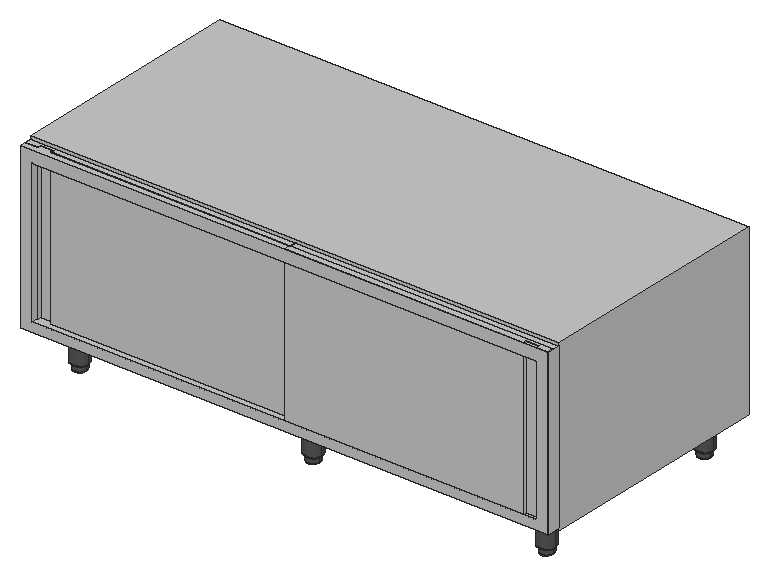
Revit family "QF_CAPIC_CELTIC_W383039", category Equipement spécialisé, Revit 2018
Family settings
  Cote de connecteur circulaire = Utiliser le diamètre
  Type d'élément = Normal
  Numéro OmniClass = 23.40.40.14
  Titre OmniClass = Food Service Equipment
  Basée sur le plan de construction = Non
  Toujours verticalement = Oui
  Couper avec des vides une fois chargée = Non
  Partagée = Non
  Point de calcul de pièce = Non
Parameters (values of type "L=1600mm")
  URL catalogue = "http://www.capic-fr.com/fr/"
  Type de Raccord Plomberie [instance] = ""
  Type de Raccord Electrique [instance] = ""
  Type de Gaz = ""
  Type article [instance] = ""
  Tension = 0 V
  Spécification du Fabricant = ""
  Show Logo = yes
  Remarques evacuation [instance] = ""
  Remarques Plomberie [instance] = ""
  Remarques Electricité [instance] = ""
  Puissance électrique  = 0 W
  Puissance Gaz kW = 0
  Profondeur hors tout = 756 mm
  Pression Maximum Eau Adoucie = 0.0 Pa
  Poids net à vide = 115.00 kg
  Phase = 0
  Modèle = "W383039"
  Longueur hors tout = 1600 mm
  Intensité nominale = 0 A
  Hauteur hors tout = 630 mm
  Hauteur de Raccordement du Sol Finis = 0 mm
  Hauteur de Raccordement Gaz du Sol Finis = 0 mm
  Hauteur de Raccordement Evacuation Directe du Sol Finis = 0 mm
  Hauteur de Raccordement Eau Froide du Sol Finis = 0 mm
  Hauteur de Raccordement Eau Chaude du Sol Finis = 0 mm
  Hauteur de Raccordement Eau Adoucie du Sol Finis = 0 mm
  Fréquence = 0 Hz
  Fabricant = "CAPIC"
  Débit d'air d'extraction = 0.0 m³/h
  Débit Gaz = 0.0 L/s
  Débit Eau Froide = 0.0 L/s
  Débit Eau Chaude = 0.0 L/s
  Débit Eau Adoucie = 0.0 L/s
  Diamètre de Raccordement Gaz = 0 mm
  Diamètre de Raccordement Evacuation = 0 mm
  Diamètre de Raccordement Eau Froide = 0 mm
  Diamètre de Raccordement Eau Chaude = 0 mm
  Diamètre de Raccordement Eau Adoucie = 0 mm
  Description = "Placard Fermé"
  Assembly Code = ""
  Classification  Omniclass nombre et titre = "23.40.40.14"
Reference planes
  plane 1 "Centre (avant/arrière)": y = 0
  plane 2: z = 0
  plane 3 "Centre (gauche/droite)": x = 0
  plane 4 "Centre G/E": y = 0
  plane 5: y = -838
  plane 6: x = 1600
  plane 7: x = 1598
  plane 8: x = 2
  plane 9: x = 1565
  plane 10: x = 1557
  plane 11: y = -820
  plane 12: z = 141
  plane 13: x = 43
  plane 14: x = 35
  plane 15: y = -182
  plane 16: z = 621
  plane 17: z = 120
  plane 18: y = -122
  plane 19: x = 801
  plane 20: x = 799
  plane 21: x = 800
  plane 22 "Centre G/G": y = -89
Forms (mm)
  Extrusion 1, solid, material "QF_Stainless Steel-Brushed"
    sketch origin (1480, 0, 0) x (1, 0, 0) y (0, 0, 1)
      loop
        line (-1480, 630) -> (-1480, 120) -> (120, 120) -> (120, 630) -> (-1480, 630)
    from 838 to 122
  Extrusion 2, void
    sketch origin (1480, 0, 0) x (1, 0, 0) y (0, 0, 1)
      loop
        line (-1445, 155.456) -> (85, 155.456) -> (85, 585.456) -> (-1445, 585.456) -> (-1445, 155.456)
    from 838 to 182
  Extrusion 3, void
    sketch origin (1480, 0, 0) x (1, 0, 0) y (0, 1, 0)
      loop
        line (-1445, -131.5) -> (-1445, -820) -> (85, -820) -> (85, -131.5) -> (-1445, -131.5)
    from 120 to 141
  Extrusion 4, solid, material "QF_Stainless Steel-Brushed"
    sketch origin (800, 0, 0) x (-1, 0, 0) y (0, -1, 0)
      loop
        line (-800, 838) -> (800, 838) -> (800, 878) -> (-800, 878) -> (-800, 838)
    from 127 to 621
  Extrusion 5, void
    sketch origin (0, 0, 0) x (1, 0, 0) y (0, 0, 1)
      loop
        line (35, 585.456) -> (35, 155.456) -> (1565, 155.456) -> (1565, 585.456) -> (35, 585.456)
    from 838 to 878
  Extrusion 6, solid, material "QF_Stainless Steel-Brushed"
    sketch origin (0, 0, 0) x (1, 0, 0) y (0, 0, 1)
      loop
        line (2, 621) -> (2, 127) -> (801, 127) -> (801, 621) -> (2, 621)
    from 838 to 858
  Extrusion 7, solid, material "QF_Stainless Steel-Brushed"
    sketch origin (620, 0, 0) x (1, 0, 0) y (0, 0, 1)
      loop
        line (179, 621) -> (179, 127) -> (978, 127) -> (978, 621) -> (179, 621)
    from 877 to 858
  Extrusion 8, void
    sketch origin (0, 0, 0) x (1, 0, 0) y (0, 1, 0)
      loop
        line (1563, -877) -> (1563, -867) -> (1523, -867) -> (1523, -877) -> (1563, -877)
    from 621 to 127
  Extrusion 9, void
    sketch origin (-1048, -1, 0) x (1, 0, 0) y (0, 1, 0)
      loop
        line (1125, -847) -> (1085, -847) -> (1085, -857) -> (1125, -857) -> (1125, -847)
    from 621 to 127
Cuts and joins
  Extrusion 2, Extrusion 3, Extrusion 5 cuts Extrusion 1
  Extrusion 5 cuts Extrusion 4
  Extrusion 8, Extrusion 9 cuts Extrusion 7
  Extrusion 9 cuts Extrusion 6
Dimensions and locks
  locked: plane 9 to plane 6 at 35
  locked: plane 7 to plane 6 at 2
  locked: plane 3 "Centre (gauche/droite)" to plane 8 at 2
  "Longueur hors tout": plane 3 "Centre (gauche/droite)" to plane 6
  locked: plane 3 "Centre (gauche/droite)" to plane 14 at 35
  locked: plane 11 to plane 5 at 18
  locked: plane 15 to plane 5 at 656
  plane 12 to plane 17 to plane 2 = 21 mm locked, 120 mm locked
  locked: plane 10 to plane 6 at 43
  locked: plane 3 "Centre (gauche/droite)" to plane 13 at 43
  equal spacing: plane 3 "Centre (gauche/droite)", plane 21, plane 6
  locked: plane 21 to plane 19 at 1
  locked: plane 20 to plane 21 at 1
  locked: Extrusion 7 to Extrusion 8 sketch curve at 10
  Extrusion 8 sketch curve to Extrusion 8 sketch curve to cut or joined group of Extrusion 7, Extrusion 8, Extrusion 9 = 40 mm locked, 35 mm locked
  locked: Extrusion 6 to Extrusion 9 sketch curve at 10
  plane 8 to Extrusion 9 sketch curve to Extrusion 9 sketch curve = 35 mm locked, 40 mm locked
  aligned and locked: level to plane 2
  aligned and locked: Extrusion 1 to Extrusion 2
  aligned and locked: cut or joined group of Extrusion 1, Extrusion 2, Extrusion 3, Extrusion 5 to plane 5
  aligned and locked: nested 1 to plane 12
  aligned and locked: nested 2 to plane 12
  aligned and locked: nested 2 to plane 11
  aligned and locked: nested 2 to plane 13
  aligned and locked: nested 1 to plane 13
  aligned and locked: nested 3 to plane 10
  aligned and locked: nested 4 to plane 10
  aligned and locked: plane 11 to nested 4
  aligned and locked: Extrusion 3 to plane 11
  aligned and locked: plane 15 to cut or joined group of Extrusion 1, Extrusion 2, Extrusion 3, Extrusion 5
  aligned and locked: cut or joined group of Extrusion 1, Extrusion 2, Extrusion 3, Extrusion 5 to plane 18
  aligned and locked: Extrusion 5 sketch curve to cut or joined group of Extrusion 1, Extrusion 2, Extrusion 3, Extrusion 5  (x4)
  aligned and locked: plane 5 to Extrusion 5
  aligned and locked: Extrusion 4 to Extrusion 5
  aligned and locked: cut or joined group of Extrusion 4, Extrusion 5 to plane 3 "Centre (gauche/droite)"
  aligned and locked: plane 6 to cut or joined group of Extrusion 4, Extrusion 5
  aligned and locked: Extrusion 6 sketch curve to plane 16
  aligned and locked: Extrusion 6 sketch curve to plane 8
  aligned and locked: Extrusion 6 sketch curve to cut or joined group of Extrusion 4, Extrusion 5
  aligned and locked: Extrusion 6 sketch curve to plane 19
  aligned and locked: plane 5 to Extrusion 6
  aligned and locked: Extrusion 7 to Extrusion 6
  aligned and locked: Extrusion 7 to plane 20
  aligned and locked: Extrusion 7 to plane 7
  aligned and locked: Extrusion 8 sketch curve to Extrusion 7
  aligned and locked: Extrusion 8 to cut or joined group of Extrusion 4, Extrusion 5
  aligned and locked: plane 16 to Extrusion 8
  aligned and locked: Extrusion 6 to Extrusion 9 sketch curve
Automatic sketch dimensions
  Extrusion 1 sketch curve to plane 3 "Centre (gauche/droite)" = 0 mm
  Extrusion 1 sketch curve to plane 6 = 0 mm
  Extrusion 1 sketch curve to plane 17 = 0 mm
  plane 16 to Extrusion 1 sketch curve = 9 mm
  Extrusion 2 sketch curve to plane 14 = 0 mm
  Extrusion 2 sketch curve to plane 9 = 0 mm
  Extrusion 2 sketch curve to plane 12 = 14.456 mm
  Extrusion 2 sketch curve to plane 16 = 35.544 mm
  Extrusion 3 sketch curve to plane 11 = 0 mm
  Extrusion 3 sketch curve to plane 14 = 0 mm
  Extrusion 3 sketch curve to plane 9 = 0 mm
  Extrusion 3 sketch curve to plane 18 = 9.5 mm
  Extrusion 4 sketch curve to plane 6 = 0 mm
  Extrusion 4 sketch curve to plane 3 "Centre (gauche/droite)" = 0 mm
  Extrusion 4 sketch curve to plane 5 = 0 mm
  Extrusion 4 sketch curve to Extrusion 4 sketch curve = 40 mm
  Extrusion 7 sketch curve to plane 16 = 0 mm
  plane 17 to Extrusion 7 sketch curve = 7 mm
  Extrusion 7 sketch curve to plane 19 = 2 mm
  Extrusion 7 sketch curve to plane 6 = 2 mm
Nested families
  nested 1: "QF_Details_Pied" at (93, -223, 0), type "QF_Details_Pied"
  nested 2: "QF_Details_Pied" at (93, -820, 0), type "QF_Details_Pied"
  nested 3: "QF_Details_Pied" at (1507, -223, 0), type "QF_Details_Pied"
  nested 4: "QF_Details_Pied" at (1507, -820, 0), type "QF_Details_Pied"
  nested 5: "QF_Details_Pied" at (800, -223, 0), type "QF_Details_Pied"
  nested 6: "QF_Details_Pied" at (800, -820, 0), type "QF_Details_Pied"
Definition of nested family "QF_Details_Pied"
  Reference planes
    plane 1 "Centre (avant/arrière)": y = 0
    plane 2: z = 0
    plane 3 "Centre (gauche/droite)": x = 0
  Forms (mm)
    Extrusion 1, solid
      sketch origin (-137.492, 51.5, -340.756) x (1, 0, 0) y (0, 0, 1)
        loop
          line (87.492, 481.756) -> (87.492, 472.756) -> (187.492, 472.756) -> (187.492, 481.756) -> (87.492, 481.756)
      from -40 to 40
    Revolve 2, solid
      sketch origin (0, 51.5, -9) x (1, 0, 0) y (0, 0, 1)
        loop
          line (0, 141) -> (0, 9) -> (19.21, 9) -> (19.21, 13) -> (20.21, 13) -> (20.21, 26) -> (21.71, 26) -> (26.66, 30.95) -> (26.66, 90.95) -> (31.468, 136.698) -> (36.246, 141) -> (0, 141)
        axis (0, 141) -> (0, 9)
      angle from 0 to 360
  Dimensions and locks
    aligned and locked: level to plane 2
    aligned and locked: Extrusion 1 to Revolve 2 sketch curve
